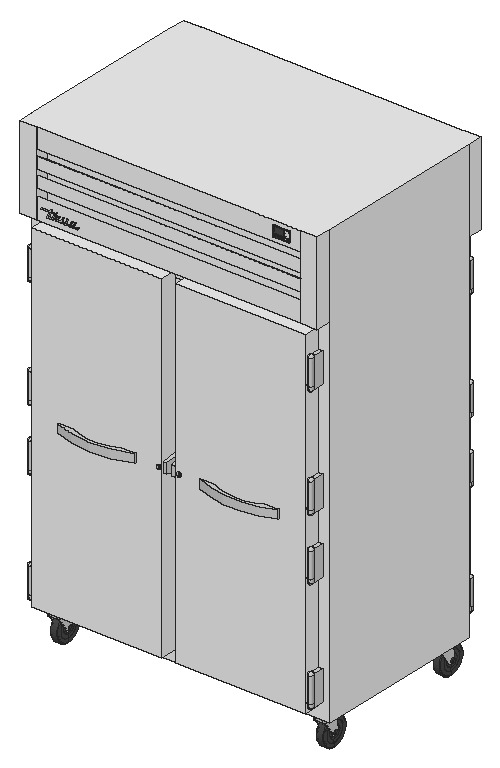
Revit family (continued)
Automatic sketch dimensions
  plane 7 to Extrusion 87 sketch curve = 3.62579"
  Extrusion 87 sketch curve to Extrusion 87 sketch curve = 4.47281"
  Extrusion 88 sketch curve to plane 1 "BACK" = 0.2"  (x2)
  Extrusion 88 sketch curve to plane 1 "BACK" = 0"  (x2)
  plane 1 "BACK" to Extrusion 88 sketch curve = 7.77899"
  plane 14 to Extrusion 88 sketch curve = 2.97406"
  Extrusion 88 sketch curve to plane 8 = 5.77813"
  Extrusion 88 sketch curve to Extrusion 88 sketch curve = 2.4"
  Extrusion 88 sketch curve to Extrusion 88 sketch curve = 4.4"
  Extrusion 88 sketch curve to Extrusion 88 sketch curve = 0"
  Extrusion 89 sketch curve to plane 1 "BACK" = 0.2"  (x2)
  Extrusion 89 sketch curve to plane 1 "BACK" = 0"  (x2)
  plane 1 "BACK" to Extrusion 89 sketch curve = 7.77899"
  plane 14 to Extrusion 89 sketch curve = 2.97406"
  plane 9 to Extrusion 89 sketch curve = 3.99688"
  Extrusion 89 sketch curve to Extrusion 89 sketch curve = 2.4"
  Extrusion 89 sketch curve to plane 12 = 12 19/32"
  Extrusion 89 sketch curve to Extrusion 89 sketch curve = 0"
  Extrusion 3 to Extrusion 90 sketch curve = 0"  (x2)
  Extrusion 90 sketch curve to Extrusion 90 sketch curve = 1"
  Extrusion 3 to Extrusion 90 sketch curve = 1"
  Extrusion 3 to Extrusion 90 sketch curve = 22 1/8"  (x2)
  Extrusion 90 sketch curve to Extrusion 90 sketch curve = 4 1/32"  (x2)
  Extrusion 92 sketch curve to plane 9 = 3/4"
  Extrusion 92 sketch curve to plane 12 = 1 1/8"
  Extrusion 92 sketch curve to plane 8 = 1 9/32"
  plane 10 to Extrusion 92 sketch curve = 19/32"
  plane 7 to Extrusion 92 sketch curve = 1 29/32"  (x2)
  Extrusion 92 sketch curve to plane 6 "TOP" = 16 5/32"
  Extrusion 92 sketch curve to Extrusion 92 sketch curve = 0"
  plane 5 "FRONT" to Extrusion 93 sketch curve = 0.2"  (x2)
  plane 5 "FRONT" to Extrusion 93 sketch curve = 0"  (x2)
  Extrusion 93 sketch curve to plane 5 "FRONT" = 7.77899"
  Extrusion 93 sketch curve to plane 14 = 2.97406"
  Extrusion 93 sketch curve to plane 10 = 4.09063"
  Extrusion 93 sketch curve to Extrusion 93 sketch curve = 2.4"
  Extrusion 93 sketch curve to plane 8 = 12 37/64"
  Extrusion 93 sketch curve to Extrusion 93 sketch curve = 0"
  plane 5 "FRONT" to Extrusion 94 sketch curve = 0.2"  (x2)
  plane 5 "FRONT" to Extrusion 94 sketch curve = 0"  (x2)
  Extrusion 94 sketch curve to plane 5 "FRONT" = 7.77899"
  Extrusion 94 sketch curve to plane 14 = 2.97406"
  Extrusion 94 sketch curve to plane 12 = 5.79375"
  Extrusion 94 sketch curve to Extrusion 94 sketch curve = 2.4"
  Extrusion 94 sketch curve to Extrusion 94 sketch curve = 4.4"
  Extrusion 94 sketch curve to Extrusion 94 sketch curve = 0"
  plane 1 "BACK" to curve 1 = 0"
  curve 1 to plane 3 "LEFT" = 0"
  curve 25 to plane 5 "FRONT" = 0"
  curve 5 to plane 4 "RIGHT" = 0"
  plane 3 "LEFT" to curve 11 = 1.20097"
  plane 3 "LEFT" to curve 7 = 1.20097"
  curve 36 to plane 9 = 3/4"
  curve 24 to plane 9 = 3/4"
  curve 13 to plane 9 = 11/32"
  curve 8 to plane 9 = 11/32"
  plane 1 "BACK" to curve 11 = 3.1708"
  plane 9 to curve 11 = 0.98222"
  plane 9 to curve 7 = 0.60602"
  plane 5 "FRONT" to curve 38 = 0.2"  (x2)
  plane 9 to curve 38 = 3.4875"
  curve 10 to curve 28 = 1.45624"
  curve 28 to curve 29 = 2.4"
  curve 40 to curve 41 = 2.4"
  curve 29 to curve 29 = 4.4"
  plane 14 to curve 26 = 2.97406"
  curve 26 to curve 29 = 0"
  curve 38 to curve 26 = 1/4"
  curve 41 to curve 38 = 0"
  curve 26 to plane 1 "BACK" = 0.2"
  curve 29 to curve 26 = 2.4"
  curve 25 to plane 12 = 1 1/8"
  curve 37 to plane 12 = 1 1/8"
  curve 23 to plane 8 = 1 9/32"
  curve 35 to plane 8 = 1 9/32"
  curve 35 to curve 31 = 4.44375"
  plane 5 "FRONT" to curve 43 = 0.2"
  curve 23 to curve 43 = 4.56875"
  curve 43 to curve 45 = 2.4"
  curve 31 to curve 33 = 2.4"
  plane 14 to curve 30 = 2.97406"
  curve 30 to plane 8 = 12.525"
  curve 45 to curve 45 = 4.4"
  curve 33 to curve 30 = 0"
  curve 30 to curve 42 = 1/8"
  curve 30 to plane 1 "BACK" = 0.2"
  curve 33 to curve 30 = 2.4"
  curve 45 to curve 44 = 2.4"
  curve 20 to plane 10 = 2.55528"
  curve 16 to plane 10 = 2.55528"
  curve 16 to plane 10 = 1.25624"
  curve 21 to plane 10 = 1.25624"
  plane 10 to curve 14 = 0.06972"
  plane 10 to curve 18 = 0.06972"
  plane 10 to curve 34 = 19/32"
  plane 10 to curve 23 = 19/32"
  curve 34 to curve 35 = 0"
  curve 22 to curve 23 = 0"
  curve 5 to plane 5 "FRONT" = 2 1/4"
  curve 20 to plane 5 "FRONT" = 3.92849"
  curve 5 to curve 9 = 1.78257"
  curve 20 to curve 19 = 3/4"
  curve 8 to curve 8 = 3/4"
  curve 41 to plane 5 "FRONT" = 7.77899"
  curve 45 to plane 5 "FRONT" = 7.77899"
  curve 38 to plane 14 = 2.97406"
  curve 42 to plane 14 = 2.97406"
  curve 26 to curve 29 = 7.30945"
  curve 30 to curve 33 = 7.30945"
  curve 12 to curve 10 = 5.29663"
  plane 1 "BACK" to curve 16 = 8.46743"
  curve 16 to curve 15 = 3/4"
  curve 46 to curve 1 = 2 1/4"
  Extrusion 55 sketch curve to plane 5 "FRONT" = 0"  (x2)
  plane 10 to Extrusion 55 sketch curve = 19/32"
  Extrusion 55 sketch curve to plane 8 = 1 9/32"
  plane 8 to Extrusion 55 sketch curve = 1 1/8"
  Extrusion 55 sketch curve to plane 9 = 3/4"
  plane 1 "BACK" to Extrusion 91 sketch curve = 0"  (x2)
  plane 10 to Extrusion 91 sketch curve = 19/32"
  Extrusion 91 sketch curve to plane 8 = 1 9/32"
  plane 8 to Extrusion 91 sketch curve = 1 1/8"
  Extrusion 91 sketch curve to plane 9 = 3/4"
  radius of Extrusion 6 sketch curve = 0.35"  (x2)
  radius of Extrusion 8 sketch curve = 1/4"
  radius of Extrusion 56 sketch curve = 1 1/2"
  radius of Extrusion 57 sketch curve = 1 1/2"
  radius of Extrusion 58 sketch curve = 1 1/2"
  radius of Extrusion 59 sketch curve = 1 1/2"
  radius of Extrusion 61 sketch curve = 0.35"  (x2)
Connectors (in)
  electrical at (49.53125, -0.0625, 82), driven by "Volts", driven by "Watts"
    settings: on Extrusion 8, index 1, voltage 208 V, apparent load 3000 VA, apparent load phase1 0 VA, apparent load phase2 0 VA, apparent load phase3 0 VA, power factor 1, load classification "Other", number of poles 1, system type 30, power factor state 1, is connector primary yes, connector utility no, sub classification motor no, connector description "Electrical Connection"
